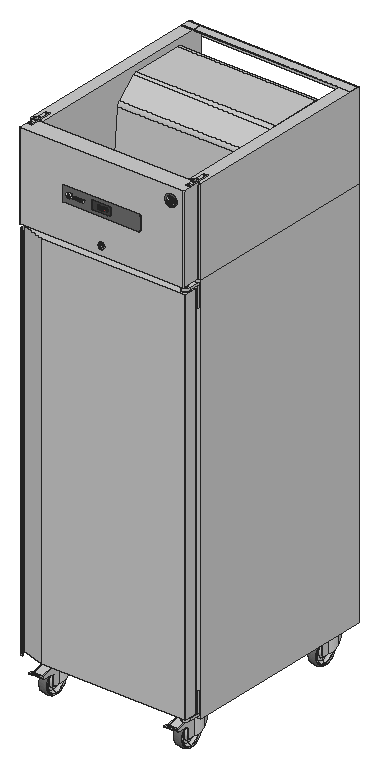
Revit family "QF_HOSHIZAKI_133702030", category Specialty Equipment, Revit 2016
Family settings
  Part Type = Normal
  Round Connector Dimension = Use Diameter
  OmniClass Number = 23.40.40.14
  OmniClass Title = Food Service Equipment
  Work Plane-Based = No
  Always vertical = Yes
  Cut with Voids When Loaded = No
  Shared = No
  Room Calculation Point = No
Parameters (values of type "133702030_230V/1Ph/50Hz")
  Weight = 123.00 kg
  Volts = 230 V
  URL Cutsheet = ""
  URL = "www.hoshizaki-europe.com"
  Status [instance] = ""
  Specification by User [instance] = ""
  Specification by Manufacturer [instance] = ""
  Serial Number = ""
  Seismic Rating = ""
  SMACNA No = ""
  Revision Code [instance] = ""
  Phase = 1
  Number of Poles = 2
  NAFEM Spec ID Number = ""
  Model = "ADVANCE F 70-4 C DR U"
  Min Ckt Ampacity = 0 A
  Max Overcurrent Protection = 0 A
  Masterspec = ""
  Manufacturer = "HOSHIZAKI"
  Length Actual = 654 mm
  Item Number [instance] = ""
  Installed By [instance] = ""
  Identify Quantity as Lot [instance] = no
  Height Actual = 2000 mm
  HP power = ""
  Furnished By [instance] = ""
  Foodservice Equipment Identifier [instance] = yes
  FL Amps = 25.86 A
  Electric power = 5949 W
  Electric Connection Type [instance] = ""
  Elec Conn RI Height [instance] = 0 mm
  Elec Conn Connection Height [instance] = 1550 mm
  Description = "ADVANCE FREEZER, 2/1 DEEP, AISI430 STAINLESS STEEL EXTERIOR AND INTERIOR, HC NATURAL REFRIGERANT, CASTORS"
  Depth Actual = 830 mm
  Cycle = 50 Hz
  Cost = 0
  Conn Plug = ""
  Conn Conduit = no
  CSI MasterFormat = ""
  Assembly Code = "E1090320"
  Apparent Power = 5949 VA
  Accessory = no
Reference planes
  plane 1 "Center (Front/Back)": y = 0
  plane 2: z = 0
  plane 3 "Center (Left/Right)": x = 0
Forms (mm)
  Extrusion 1, solid, not visible
    sketch origin (624, -2, 1674) x (1, 0, 0) y (0, 1, 0)
      loop
        line (0, 0) -> (2, 0) -> (2, 2) -> (0, 2) -> (0, 0)
    from 0 to 2
Dimensions and locks
  aligned and locked: level to plane 2
Nested families
  nested 1: "QF_HOSHIZAKI_133702030_230V_1Ph_50Hz" at (0, 0, 125), type "133702030_230V/1Ph/50Hz"
    with Show Logo yes, Show Clearance yes
  nested 2: "QF_HOSHIZAKI_PRE_ADV_CASTORS" at (0, 0, 0), type "760660022-654X830"
  nested 3: "QF_HOSHIZAKI_AD_70_RX_SS_DOOR" at (0, -760, 135), type "AD_70_RX_SS_DOOR"
    with Show Logo yes, Show Clearance yes
Connectors
  electrical at (625, 0, 1675), driven by "Apparent Power", driven by "Number of Poles", driven by "Volts"
    settings: on Extrusion 1, index 1, voltage 230 V, apparent load 0 VA, apparent load phase1 5949 VA, apparent load phase2 0 VA, apparent load phase3 0 VA, power factor 1, load classification "Other", number of poles 2, system type 31, power factor state 1, is connector primary yes, connector utility no, sub classification motor no, connector description "Electric connection for '133702030'"
Definition of nested family "QF_HOSHIZAKI_133702030_230V_1Ph_50Hz"
  Parameters (values of type "133702030_230V/1Ph/50Hz")
    URL = "www.hoshizaki-europe.com"
    Show Logo [instance] = yes
    Show Clearance [instance] = yes
    Model = "ADVANCE F 70-4 C DR U"
    Manufacturer = "HOSHIZAKI"
    Description = "ADVANCE FREEZER, 2/1 DEEP, AISI 304 STAINLESS STEEL EXTERIOR AND INTERIOR, HC NATURAL REFRIGERANT, CASTORS"
    Assembly Code = "E1090320"
  Types (6, lengths in mm): name | Model | Description
    131701010 | "ADVANCE K 70-4 L DR" | "ADVANCE REFRIGERATOR, 2/1 GN DEEP, AISI 304 STAINLESS STEEL EXTERIOR AND INTERIOR, HC NATURAL REFRIGERANT, LEGS"
    133701010 | "ADVANCE F 70-4 L DR" | "ADVANCE FREEZER, 2/1 DEEP, AISI 304 STAINLESS STEEL EXTERIOR AND INTERIOR, HC NATURAL REFRIGERANT, LEGS"
    121702010 | "ADVANCE K 70-3 C DR" | "ADVANCE REFRIGERATOR, 2/1 GN DEEP, AISI 403 STAINLESS STEEL EXTERIOR AND INTERIOR, HC NATURAL REFRIGERANT, CASTORS"
    123702010 | "ADVANCE F 70-3 C DR" | "ADVANCE FREEZER, 2/1 DEEP, AISI 403 STAINLESS STEEL EXTERIOR AND INTERIOR, HC NATURAL REFRIGERANT, CASTORS"
    131702030 | "ADVANCE K 70-4 C DR U" | "ADVANCE REFRIGERATOR, 2/1 GN DEEP, AISI 304 STAINLESS STEEL EXTERIOR AND INTERIOR, HC NATURAL REFRIGERANT, CASTORS"
    133702030_230V/1Ph/50Hz | "ADVANCE F 70-4 C DR U" | "ADVANCE FREEZER, 2/1 DEEP, AISI 304 STAINLESS STEEL EXTERIOR AND INTERIOR, HC NATURAL REFRIGERANT, CASTORS"
  Reference planes
    plane 1 "Back": y = 0
    plane 2: z = 0
    plane 3 "Left": x = 0
    plane 4 "Right": x = 654
    plane 5 "Front": y = -830.03
    plane 6 "Top": z = 1850
  Forms (mm)
    Extrusion 1, solid
      sketch origin (-36.57, 17.6, 1850) x (1, 0, 0) y (0, 1, 0)
        loop
          line (675.57, -773.038) -> (675.57, -726.21) -> (660.57, -726.21) -> (660.57, -773.038) -> (675.57, -773.038)
        loop
          circle (668.07, -734.247) r 1.711
        loop
          circle (668.07, -765.001) r 1.711
      from 0 to 2
    Extrusion 2, solid
      sketch origin (-36.57, -41.259, 1850) x (1, 0, 0) y (0, 1, 0)
        loop
          line (675.57, -752.351) -> (675.57, -720.851) -> (660.57, -720.851) -> (660.57, -752.351) -> (675.57, -752.351)
        loop
          circle (668.07, -727.851) r 1.711
        loop
          circle (668.07, -745.351) r 1.711
      from 0 to 2
    Extrusion 3, solid
      sketch origin (624, 17.6, -100.1) x (0, 1, 0) y (0, 0, 1)
        loop
          arc (-776.21, 1952.1) -> (-777.016, 1954.865) -> (-774.851, 1952.966) r 1.5
          line (-774.851, 1952.966) -> (-772.968, 1952.281)
          arc (-772.968, 1952.281) -> (-778.164, 1956.504) -> (-776.21, 1950.1) r 3.5
          line (-776.21, 1950.1) -> (-773.038, 1950.1) -> (-773.038, 1952.1) -> (-776.21, 1952.1)
      from 0 to 15
    Extrusion 4, solid
      sketch origin (-645.57, 17.6, 1850) x (1, 0, 0) y (0, 1, 0)
        loop
          line (675.57, -773.038) -> (675.57, -726.21) -> (660.57, -726.21) -> (660.57, -773.038) -> (675.57, -773.038)
        loop
          circle (668.07, -734.247) r 1.711
        loop
          circle (668.07, -765.001) r 1.711
      from 0 to 2
    Extrusion 5, solid
      sketch origin (-645.57, -41.259, 1850) x (1, 0, 0) y (0, 1, 0)
        loop
          line (675.57, -752.351) -> (675.57, -720.851) -> (660.57, -720.851) -> (660.57, -752.351) -> (675.57, -752.351)
        loop
          circle (668.07, -727.851) r 1.711
        loop
          circle (668.07, -745.351) r 1.711
      from 0 to 2
    Extrusion 6, solid
      sketch origin (15, 17.6, -100.1) x (0, 1, 0) y (0, 0, 1)
        loop
          arc (-776.21, 1952.1) -> (-777.016, 1954.865) -> (-774.851, 1952.966) r 1.5
          line (-774.851, 1952.966) -> (-772.968, 1952.281)
          arc (-772.968, 1952.281) -> (-778.164, 1956.504) -> (-776.21, 1950.1) r 3.5
          line (-776.21, 1950.1) -> (-773.038, 1950.1) -> (-773.038, 1952.1) -> (-776.21, 1952.1)
      from 0 to 15
    Extrusion 7, solid
      sketch origin (0, 0, -100) x (0, 1, 0) y (0, 0, 1)
        loop
          line (-760, 1617.5) -> (0, 1617.5) -> (0, 1948.5)
          arc (0, 1948.5) -> (-0.439, 1949.561) -> (-1.5, 1950) r 1.5
          line (-1.5, 1950) -> (-759.35, 1950)
          arc (-759.35, 1950) -> (-759.81, 1949.81) -> (-760, 1949.35) r 0.65
          line (-760, 1949.35) -> (-760, 1617.5)
      from 0 to 45
    Extrusion 8, solid
      sketch origin (609, 0, -100) x (0, 1, 0) y (0, 0, 1)
        loop
          line (-760, 1617.5) -> (0, 1617.5) -> (0, 1948.5)
          arc (0, 1948.5) -> (-0.439, 1949.561) -> (-1.5, 1950) r 1.5
          line (-1.5, 1950) -> (-759.35, 1950)
          arc (-759.35, 1950) -> (-759.81, 1949.81) -> (-760, 1949.35) r 0.65
          line (-760, 1949.35) -> (-760, 1617.5)
      from 0 to 45
    Extrusion 9, solid
      sketch origin (0, 1.5, -100.1) x (0, 1, 0) y (0, 0, 1)
        loop
          line (-1.51, 1951.6) -> (-38.51, 1951.6) -> (-38.51, 1950.1) -> (-3, 1950.1)
          arc (-3, 1950.1) -> (-1.939, 1949.661) -> (-1.5, 1948.6) r 1.5
          line (-1.5, 1948.6) -> (-1.5, 1914.7) -> (0, 1914.7) -> (0, 1950.09)
          arc (0, 1950.09) -> (-0.442, 1951.158) -> (-1.51, 1951.6) r 1.51
      from 1.06 to 653.06
    Extrusion 10, solid
      sketch origin (0, 17.6, 1849.9) x (1, 0, 0) y (0, 1, 0)
        loop
          line (10, -778.8) -> (10, -842.7)
          arc (10, -842.7) -> (11.435, -846.165) -> (14.9, -847.6) r 4.9
          line (14.9, -847.6) -> (639.1, -847.6)
          arc (639.1, -847.6) -> (642.565, -846.165) -> (644, -842.7) r 4.9
          line (644, -842.7) -> (644, -778.8)
          arc (644, -778.8) -> (643.649, -777.951) -> (642.8, -777.6) r 1.2
          line (642.8, -777.6) -> (11.2, -777.6)
          arc (11.2, -777.6) -> (10.351, -777.951) -> (10, -778.8) r 1.2
      from -332.4 to 0.1
    Extrusion 11, solid
      sketch origin (7.29, 0, -100) x (0, 1, 0) y (0, 0, 1)
        loop
          arc (-113.281, 1932.651) -> (-120.8, 1936.992) -> (-129.35, 1938.5) r 25
          line (-129.35, 1938.5) -> (-324.65, 1938.5)
          arc (-324.65, 1938.5) -> (-333.2, 1936.992) -> (-340.719, 1932.651) r 25
          line (-340.719, 1932.651) -> (-408.922, 1875.423)
          arc (-408.922, 1875.423) -> (-415.027, 1867.815) -> (-417.757, 1858.45) r 25
          line (-417.757, 1858.45) -> (-436.998, 1638.52) -> (-17.002, 1638.52) -> (-36.243, 1858.45)
          arc (-36.243, 1858.45) -> (-38.973, 1867.815) -> (-45.078, 1875.423) r 25
          line (-45.078, 1875.423) -> (-113.281, 1932.651)
      from 52.71 to 586.71
    Extrusion 12, solid
      sketch origin (0, 0, -100) x (1, 0, 0) y (0, 0, 1)
        loop
          line (45, 1638.52) -> (45, 1617.5) -> (609, 1617.5) -> (609, 1638.52) -> (45, 1638.52)
      from 0 to 760
    Extrusion 13, solid, visible <- "Show Logo"
      sketch origin (1053.884, -828.5, -60.1) x (-1, 0, 0) y (0, 0, -1)
        loop
          circle (459.884, -1862.5) r 13.99
      from 0 to 2.5
    Extrusion 14, solid, visible <- "Show Logo"
      sketch origin (1053.884, -829, -60.1) x (-1, 0, 0) y (0, 0, -1)
        loop
          circle (459.884, -1862.5) r 15
        loop
          arc (446.884, -1862.5) -> (460.705, -1875.474) -> (472.781, -1860.863) r 13
          line (472.781, -1860.863) -> (470.355, -1858.437) -> (469.346, -1862.201) -> (466.355, -1863.928) -> (465.024, -1865.26) -> (463.375, -1865.26) -> (462.04, -1870.241) -> (457.755, -1870.241) -> (459.339, -1867.979) -> (460.402, -1864.014) -> (461.224, -1860.945) -> (462.416, -1856.497) -> (461.216, -1855.297) -> (459.433, -1857.843) -> (455.784, -1851.523) -> (460.361, -1851.523) -> (461.471, -1853.446) -> (469.213, -1853.446)
          arc (469.213, -1853.446) -> (460.394, -1849.51) -> (451.293, -1852.743) r 13
          line (451.293, -1852.743) -> (455.577, -1853.891) -> (453.752, -1856.497) -> (455.349, -1856.497) -> (454.477, -1866.459) -> (452.538, -1866.459) -> (446.884, -1862.5)
        loop
          line (447.853, -1857.467) -> (452.313, -1861.926) -> (450.144, -1853.891)
          arc (450.144, -1853.891) -> (448.878, -1855.602) -> (447.853, -1857.467) r 15.828
        loop
          line (463.583, -1862.877) -> (466.64, -1862.399) -> (464.901, -1861.285) -> (463.583, -1857.664) -> (463.583, -1862.877)
        loop
          line (464.827, -1855.979) -> (468.296, -1856.908) -> (469.573, -1854.916) -> (468.881, -1854.224) -> (467.914, -1855.035) -> (464.827, -1855.979)
        loop
          line (462.609, -1872.307) -> (462.609, -1874.009) -> (464.927, -1873.388) -> (462.609, -1872.307)
        loop
          line (460.361, -1874.662) -> (459.594, -1873.335) -> (460.801, -1872.638) -> (459.186, -1872.205) -> (458.298, -1874.11) -> (460.361, -1874.662)
        loop
          line (459.623, -1846.783) -> (460.706, -1845.701) -> (462.247, -1845.701) -> (461.191, -1844.645) -> (461.503, -1842.874) -> (459.623, -1843.959) -> (457.743, -1842.874) -> (458.055, -1844.645) -> (456.999, -1845.701) -> (458.54, -1845.701) -> (459.623, -1846.783)
        loop
          line (446.86, -1853.7) -> (446.594, -1852.191) -> (447.478, -1850.929) -> (446.007, -1851.188) -> (444.736, -1849.917) -> (444.547, -1852.08) -> (442.579, -1852.997) -> (444.209, -1853.757) -> (444.468, -1855.228) -> (445.352, -1853.965) -> (446.86, -1853.7)
        loop
          line (452.395, -1848.68) -> (452.856, -1847.219) -> (454.223, -1846.508) -> (452.799, -1846.059) -> (452.258, -1844.344) -> (451.091, -1846.175) -> (448.922, -1846.08) -> (450.017, -1847.507) -> (449.568, -1848.931) -> (450.935, -1848.219) -> (452.395, -1848.68)
        loop
          line (472.909, -1853.7) -> (474.417, -1853.965) -> (475.301, -1855.228) -> (475.56, -1853.757) -> (477.19, -1852.997) -> (475.222, -1852.08) -> (475.033, -1849.917) -> (473.761, -1851.188) -> (472.291, -1850.929) -> (473.175, -1852.191) -> (472.909, -1853.7)
        loop
          line (467.374, -1848.68) -> (468.834, -1848.219) -> (470.201, -1848.931) -> (469.752, -1847.507) -> (470.847, -1846.08) -> (468.678, -1846.175) -> (467.511, -1844.344) -> (466.97, -1846.059) -> (465.546, -1846.508) -> (466.913, -1847.219) -> (467.374, -1848.68)
      from 0 to 2.5
    Extrusion 15, solid, visible <- "Show Logo"
      sketch origin (1053.884, -829, -60.1) x (-1, 0, 0) y (0, 0, -1)
        loop
          line (462.609, -1874.009) -> (462.609, -1872.307) -> (462.085, -1870.241) -> (457.755, -1870.241) -> (459.339, -1867.979) -> (462.416, -1856.497) -> (461.216, -1855.297) -> (459.433, -1857.843) -> (455.808, -1851.565) -> (453.948, -1851.565) -> (455.577, -1853.891) -> (454.477, -1866.459) -> (456.345, -1871.339)
          arc (456.345, -1871.339) -> (456.868, -1874.025) -> (459.213, -1875.435) r 3.366
          arc (459.213, -1875.435) -> (460.198, -1875.496) -> (461.183, -1875.435) r 8.046
          line (461.183, -1875.435) -> (462.609, -1874.009)
        loop
          line (456.854, -1851.523) -> (460.361, -1851.523) -> (460.916, -1852.485) -> (462.702, -1852.485) -> (463.779, -1851.407) -> (460.623, -1851.407) -> (461.563, -1850.468) -> (456.245, -1850.468) -> (456.854, -1851.523)
        loop
          line (460.361, -1874.662) -> (459.594, -1873.335) -> (460.801, -1872.638) -> (459.186, -1872.205) -> (458.298, -1874.11) -> (460.361, -1874.662)
      from 0 to 2.5
    Extrusion 16, solid, visible <- "Show Logo"
      sketch origin (1039.5, -828.5, 1238.8) x (-1, 0, 0) y (0, 0, -1)
        loop
          circle (445.5, -563.6) r 22.5
      from 0 to 2
    Extrusion 17, solid
      sketch origin (0, 0, 0) x (1, 0, 0) y (0, 0, 1)
        loop
          line (0, 1517.5) -> (0, 0) -> (654, 0) -> (654, 1517.5) -> (0, 1517.5)
        loop
          line (60, 1457.5) -> (60, 60) -> (594, 60) -> (594, 1457.5) -> (60, 1457.5)
      from 0 to 760
    Extrusion 18, solid
      sketch origin (0, 0, 0) x (1, 0, 0) y (0, 0, 1)
        loop
          line (60, 60) -> (594, 60) -> (594, 1457.5) -> (60, 1457.5) -> (60, 60)
      from 0 to 45
    Extrusion 19, solid
      sketch origin (619.076, -828.5, -100.11) x (1, 0, 0) y (0, 0, 1)
        loop
          arc (-147.076, 1752.13) -> (-143.541, 1753.594) -> (-142.076, 1757.13) r 5
          line (-142.076, 1757.13) -> (-142.076, 1807.13)
          arc (-142.076, 1807.13) -> (-143.541, 1810.666) -> (-147.076, 1812.13) r 5
          line (-147.076, 1812.13) -> (-437.076, 1812.13)
          arc (-437.076, 1812.13) -> (-440.612, 1810.666) -> (-442.076, 1807.13) r 5
          line (-442.076, 1807.13) -> (-442.076, 1757.13)
          arc (-442.076, 1757.13) -> (-440.612, 1753.594) -> (-437.076, 1752.13) r 5
          line (-437.076, 1752.13) -> (-147.076, 1752.13)
        loop
          line (-329.576, 1792.63) -> (-329.576, 1771.63)
          arc (-329.576, 1771.63) -> (-327.819, 1767.387) -> (-323.576, 1765.63) r 6
          line (-323.576, 1765.63) -> (-260.576, 1765.63)
          arc (-260.576, 1765.63) -> (-256.334, 1767.387) -> (-254.576, 1771.63) r 6
          line (-254.576, 1771.63) -> (-254.576, 1792.63)
          arc (-254.576, 1792.63) -> (-256.334, 1796.873) -> (-260.576, 1798.63) r 6
          line (-260.576, 1798.63) -> (-323.576, 1798.63)
          arc (-323.576, 1798.63) -> (-327.819, 1796.873) -> (-329.576, 1792.63) r 6
      from 0 to 2
    Extrusion 20, solid
      sketch origin (619.076, -828.5, -100.11) x (1, 0, 0) y (0, 0, 1)
        loop
          arc (-323.576, 1798.63) -> (-327.819, 1796.873) -> (-329.576, 1792.63) r 6
          line (-329.576, 1792.63) -> (-329.576, 1771.63)
          arc (-329.576, 1771.63) -> (-327.819, 1767.387) -> (-323.576, 1765.63) r 6
          line (-323.576, 1765.63) -> (-260.576, 1765.63)
          arc (-260.576, 1765.63) -> (-256.334, 1767.387) -> (-254.576, 1771.63) r 6
          line (-254.576, 1771.63) -> (-254.576, 1792.63)
          arc (-254.576, 1792.63) -> (-256.334, 1796.873) -> (-260.576, 1798.63) r 6
          line (-260.576, 1798.63) -> (-323.576, 1798.63)
      from 0 to 2
    Extrusion 21, solid
      sketch origin (619.076, -829, -100.11) x (1, 0, 0) y (0, 0, 1)
        loop
          line (-298.911, 1787.691) -> (-298.115, 1788.439) -> (-298.929, 1789.206) -> (-304.501, 1789.206) -> (-305.3, 1788.422) -> (-304.534, 1787.691) -> (-298.911, 1787.691)
        loop
          line (-296.938, 1787.449) -> (-297.831, 1788.111) -> (-298.725, 1787.449) -> (-298.725, 1783.432) -> (-297.831, 1782.769) -> (-296.938, 1783.432) -> (-296.938, 1787.449)
        loop
          line (-298.911, 1777.181) -> (-304.534, 1777.181) -> (-305.3, 1776.45) -> (-304.501, 1775.666) -> (-298.929, 1775.666) -> (-298.115, 1776.432) -> (-298.911, 1777.181)
        loop
          line (-296.938, 1777.423) -> (-296.938, 1781.44) -> (-297.831, 1782.103) -> (-298.725, 1781.44) -> (-298.725, 1777.423) -> (-297.831, 1776.761) -> (-296.938, 1777.423)
        loop
          line (-298.911, 1783.189) -> (-304.534, 1783.189) -> (-305.3, 1782.459) -> (-304.501, 1781.675) -> (-298.929, 1781.675) -> (-298.115, 1782.441) -> (-298.911, 1783.189)
        loop
          line (-270.911, 1787.691) -> (-270.115, 1788.439) -> (-270.929, 1789.206) -> (-276.501, 1789.206) -> (-277.3, 1788.422) -> (-276.534, 1787.691) -> (-270.911, 1787.691)
        loop
          line (-268.938, 1787.449) -> (-269.831, 1788.111) -> (-270.725, 1787.449) -> (-270.725, 1783.432) -> (-269.831, 1782.769) -> (-268.938, 1783.432) -> (-268.938, 1787.449)
        loop
          line (-268.938, 1777.423) -> (-268.938, 1781.44) -> (-269.831, 1782.103) -> (-270.725, 1781.44) -> (-270.725, 1777.423) -> (-269.831, 1776.761) -> (-268.938, 1777.423)
        loop
          line (-294.968, 1776.333) -> (-293.829, 1775.386) -> (-292.676, 1776.348) -> (-293.829, 1777.28) -> (-294.968, 1776.333)
        loop
          line (-282.911, 1777.226) -> (-288.534, 1777.226) -> (-289.3, 1776.496) -> (-288.501, 1775.712) -> (-282.929, 1775.712) -> (-282.115, 1776.478) -> (-282.911, 1777.226)
        loop
          line (-280.938, 1777.469) -> (-280.938, 1781.486) -> (-281.831, 1782.148) -> (-282.725, 1781.486) -> (-282.725, 1777.469) -> (-281.831, 1776.806) -> (-280.938, 1777.469)
        loop
          line (-282.911, 1787.737) -> (-282.115, 1788.485) -> (-282.929, 1789.251) -> (-288.501, 1789.251) -> (-289.3, 1788.467) -> (-288.534, 1787.737) -> (-282.911, 1787.737)
        loop
          line (-280.938, 1787.494) -> (-281.831, 1788.157) -> (-282.725, 1787.494) -> (-282.725, 1783.477) -> (-281.831, 1782.815) -> (-280.938, 1783.477) -> (-280.938, 1787.494)
        loop
          line (-282.911, 1781.728) -> (-282.115, 1782.476) -> (-282.929, 1783.243) -> (-288.501, 1783.243) -> (-289.3, 1782.459) -> (-288.534, 1781.728) -> (-282.911, 1781.728)
        loop
          line (-290.492, 1787.494) -> (-290.492, 1783.477) -> (-289.599, 1782.815) -> (-288.705, 1783.477) -> (-288.705, 1787.494) -> (-289.599, 1788.157) -> (-290.492, 1787.494)
      from 0 to 2
    Revolve 22, solid
      sketch origin (327, 917.6, -100.11) x (0, 1, 0) y (0, 0, 1)
        loop
          line (-1752.6, 1652.1) -> (-1747.6, 1652.1) -> (-1747.6, 1662.634)
          arc (-1747.6, 1662.634) -> (-1748.329, 1663.731) -> (-1749.631, 1663.534) r 1.226
          line (-1749.631, 1663.534) -> (-1752.6, 1660.565) -> (-1752.6, 1652.1)
        axis (-1747.6, 1652.1) -> (-1752.6, 1652.1)
      angle from 0 to 360
    Extrusion 23, void
      sketch origin (-818.06, -833.5, -101.61) x (1, 0, 0) y (0, 0, 1)
        loop
          line (1143.96, 1657.815) -> (1143.96, 1649.385) -> (1146.16, 1649.385) -> (1146.16, 1657.815) -> (1143.96, 1657.815)
      from -1.469 to 2
    Extrusion 24, solid, visible <- "Show Logo"
      sketch origin (787.623, -829, -98.186) x (1, 0, 0) y (0, 0, 1)
        loop
          line (-574.302, 1788.729) -> (-583.131, 1788.729)
          arc (-583.131, 1788.729) -> (-589.303, 1787.599) -> (-594.673, 1784.355) r 17.416
          arc (-594.673, 1784.355) -> (-596.462, 1781.094) -> (-595.769, 1777.439) r 5.506
          arc (-595.769, 1777.439) -> (-593.146, 1774.866) -> (-589.587, 1773.956) r 7.07
          line (-589.587, 1773.956) -> (-587.25, 1773.956) -> (-588.248, 1771.34) -> (-581.613, 1771.34) -> (-580.432, 1773.956) -> (-571.398, 1773.956) -> (-569.064, 1779.592) -> (-566.746, 1773.956) -> (-559.715, 1773.956) -> (-557.728, 1776.29) -> (-552.838, 1776.29) -> (-551.953, 1773.956) -> (-545.563, 1773.956) -> (-543.121, 1779.778) -> (-540.707, 1773.914) -> (-533.897, 1779.586) -> (-536.239, 1773.956) -> (-530.603, 1773.956) -> (-526.429, 1784.233) -> (-531.941, 1784.233) -> (-537.329, 1779.747) -> (-539.135, 1784.233) -> (-544.054, 1784.233) -> (-547.268, 1776.58) -> (-550.408, 1784.233) -> (-554.271, 1784.233) -> (-561.118, 1776.477) -> (-561.995, 1776.477) -> (-562.958, 1778.877)
          arc (-562.958, 1778.877) -> (-561.217, 1779.568) -> (-560.011, 1781.001) r 3.84
          arc (-560.011, 1781.001) -> (-560.124, 1783.171) -> (-562.025, 1784.225) r 2.241
          line (-562.025, 1784.225) -> (-573.005, 1784.225) -> (-576.227, 1776.507) -> (-579.37, 1776.507) -> (-576.183, 1784.227) -> (-585.103, 1784.227) -> (-586.099, 1781.742) -> (-583.981, 1781.742) -> (-586.194, 1776.345)
          arc (-586.194, 1776.345) -> (-588.764, 1776.925) -> (-590.188, 1779.141) r 3.476
          arc (-590.188, 1779.141) -> (-590.046, 1780.636) -> (-589.587, 1782.064) r 6.962
          arc (-589.587, 1782.064) -> (-587.018, 1785.071) -> (-583.227, 1786.194) r 6.962
          line (-583.227, 1786.194) -> (-575.446, 1786.194) -> (-574.302, 1788.729)
        loop
          line (-568.201, 1781.677) -> (-568.99, 1779.771) -> (-567.006, 1779.771)
          arc (-567.006, 1779.771) -> (-565.95, 1780.209) -> (-565.513, 1781.264) r 1.493
          arc (-565.513, 1781.264) -> (-565.795, 1781.565) -> (-566.192, 1781.677) r 0.765
          line (-566.192, 1781.677) -> (-568.201, 1781.677)
        loop
          line (-554.482, 1780.63) -> (-556.797, 1778.007) -> (-553.488, 1778.007) -> (-554.482, 1780.63)
      from 0 to 2
  Cuts and joins
    joined: Extrusion 17, Extrusion 18
    Extrusion 23 cuts Revolve 22
  Lines and regions (mm)
    symbolic lines
      curve 1: line (0, 0, 0) -> (0, -760, 0)
      curve 2: line (654, -760, 0) -> (654, 0, 0)
      curve 3: line (14.9, -830, 0) -> (639.1, -830, 0)
      curve 4: line (654, 0, 0) -> (0, 0, 0)
      curve 5: line (60, -37.01, 0) -> (60, -436.998, 0)
      curve 6: line (60, -436.998, 0) -> (594, -436.998, 0)
      curve 7: line (594, -436.998, 0) -> (594, -37.01, 0)
      curve 8: line (609, -37.01, 0) -> (609, -760, 0)
      curve 9: line (45, -760, 0) -> (45, -37.01, 0)
      curve 10: line (0, -37.01, 0) -> (654, -37.01, 0)
      curve 11: line (654, -760, 0) -> (0, -760, 0)
      curve 12: line (644, -825.1, 0) -> (644, -761.2, 0)
      curve 13: arc (639.1, -830, 0) -> (642.565, -828.565, 0) -> (644, -825.1, 0) r 4.9
      curve 14: arc (10, -825.1, 0) -> (11.435, -828.565, 0) -> (14.9, -830, 0) r 4.9
      curve 15: line (10, -761.2, 0) -> (10, -825.1, 0)
      curve 16: arc (11.2, -760, 0) -> (10.351, -760.351, 0) -> (10, -761.2, 0) r 1.2
      curve 17: arc (644, -761.2, 0) -> (643.649, -760.351, 0) -> (642.8, -760, 0) r 1.2
  Dimensions and locks
    plane 4 "Right" to plane 3 "Left" = 654 mm
    plane 6 "Top" to level = 1850 mm  (x2)
    plane 3 "Left" to plane 4 "Right" = 654 mm
    plane 5 "Front" to plane 1 "Back" = 830.03 mm
    plane 1 "Back" to plane 5 "Front" = 830.03 mm
    aligned and locked: level to plane 2
Definition of nested family "QF_HOSHIZAKI_PRE_ADV_CASTORS"
  Parameters (values of type "760660022-654X830")
    Weight [instance] = 0.00 kg
    URL Cutsheet [instance] = ""
    URL = "www.hoshizaki-europe.com"
    Status [instance] = ""
    Specification by User [instance] = ""
    Specification by Manufacturer [instance] = ""
    Serial Number [instance] = ""
    Seismic Rating [instance] = ""
    SMACNA No [instance] = ""
    Right offset = 67 mm
    Revision Code [instance] = ""
    Rear offset = 58 mm
    NAFEM Spec ID Number [instance] = ""
    Model = "C1"
    Masterspec [instance] = ""
    Manufacturer = "HOSHIZAKI"
    Length Actual [instance] = 654 mm
    Length = 654 mm
    Left offset = 67 mm
    Item Number [instance] = ""
    Installed By [instance] = ""
    Identify Quantity as Lot [instance] = no
    Height Actual [instance] = 125 mm
    Furnished By [instance] = ""
    Front offset = 125 mm
    Foodservice Equipment Identifier [instance] = no
    Description = "SET OF CASTORS 125 MM"
    Depth Actual [instance] = 830 mm
    Depth = 830 mm
    Cost = 0
    CSI MasterFormat [instance] = ""
    Assembly Code = "E1090320"
    Accessory [instance] = yes
  Reference planes
    plane 1 "Back": y = 0
    plane 2: z = 0
    plane 3 "Left": x = 0
    plane 4 "Right": x = 654
    plane 5 "Front": y = -830
    plane 6 "Top": z = 125
    plane 7 "Central": x = 327
    plane 8 "Left side castors": x = 67
    plane 9 "Right side castors": x = 587
    plane 10: y = -58
    plane 11: y = -705
  Dimensions and locks
    "Length": plane 3 "Left" to plane 4 "Right"
    "Depth": plane 1 "Back" to plane 5 "Front"
    plane 6 "Top" to plane 2 = 125 mm
    equal spacing: plane 3 "Left", plane 7 "Central", plane 4 "Right"
    "Left offset": plane 3 "Left" to plane 8 "Left side castors"
    "Right offset": plane 9 "Right side castors" to plane 4 "Right"
    "Rear offset": plane 10 to plane 1 "Back"
    "Front offset": plane 11 to plane 5 "Front"
    aligned and locked: level to plane 2
    aligned and locked: nested 1 to plane 11
    aligned and locked: nested 2 to plane 11
    aligned and locked: nested 2 to plane 9 "Right side castors"
    aligned and locked: nested 1 to plane 8 "Left side castors"
    aligned and locked: nested 3 to plane 8 "Left side castors"
    aligned and locked: nested 4 to plane 9 "Right side castors"
    aligned and locked: nested 3 to plane 10
    aligned and locked: nested 4 to plane 10
  Nested families
    nested 1: "QF_ATOSA_CASTORS_BRAKES" at (67, -705, 0), type "CASTORS WITH BRAKES"
    nested 2: "QF_ATOSA_CASTORS_BRAKES" at (587, -705, 0), type "CASTORS WITH BRAKES"
    nested 3: "QF_ATOSA_CASTORS_WITHOUT_BRAKES" at (67, -58, 0), type "CASTORS"
    nested 4: "QF_ATOSA_CASTORS_WITHOUT_BRAKES" at (587, -58, 0), type "CASTORS"
  Definition of nested family "QF_ATOSA_CASTORS_BRAKES"
    Reference planes
      plane 1 "Center (Front/Back)": y = 0
      plane 2: z = 0
      plane 3 "Center (Left/Right)": x = 0
    Forms (mm)
      Extrusion 1, solid
        sketch origin (-20.685, -138.446, 9.74) x (0, 1, 0) y (0, 0, 1)
          loop
            arc (82.446, 39.255) -> (85.375, 32.184) -> (92.446, 29.255) r 10
            arc (92.446, 29.255) -> (99.905, 29.776) -> (107.221, 31.328) r 53.702
            line (107.221, 31.328) -> (107.221, 99.255) -> (83.819, 99.255)
            arc (83.819, 99.255) -> (82.458, 99.162) -> (81.123, 98.885) r 10
            line (81.123, 98.885) -> (33.906, 85.664)
            arc (33.906, 85.664) -> (32.852, 84.947) -> (32.446, 83.738) r 2
            line (32.446, 83.738) -> (32.446, 81.179)
            arc (32.446, 81.179) -> (33.888, 77.697) -> (37.369, 76.255) r 4.923
            line (37.369, 76.255) -> (72.446, 76.255)
            arc (72.446, 76.255) -> (79.517, 73.326) -> (82.446, 66.255) r 10
            line (82.446, 66.255) -> (82.446, 39.255)
        from 0 to 3
      Extrusion 2, solid
        sketch origin (-99.985, -138.446, 20.165) x (0, 1, 0) y (0, 0, 1)
          loop
            line (32.761, 70.841) -> (82.995, 84.83) -> (107.221, 84.83) -> (107.221, 86.83) -> (82.72, 86.83) -> (32.631, 72.805)
            arc (32.631, 72.805) -> (30.574, 74.383) -> (28.997, 76.439) r 9.928
            line (28.997, 76.439) -> (27.573, 78.904)
            arc (27.573, 78.904) -> (23.913, 82.565) -> (18.913, 83.904) r 10
            line (18.913, 83.904) -> (11.985, 83.904) -> (11.985, 81.904) -> (17.758, 81.904)
            arc (17.758, 81.904) -> (22.233, 80.83) -> (25.732, 77.841) r 9.856
            line (25.732, 77.841) -> (27.248, 75.467)
            arc (27.248, 75.467) -> (29.65, 72.732) -> (32.761, 70.841) r 12.007
        from 82.3 to 117.67
      Extrusion 3, solid
        sketch origin (147.062, -94.25, 0) x (1, 0, 0) y (0, 1, 0)
          loop
            line (-114.562, 143.5) -> (-179.562, 143.5)
            arc (-179.562, 143.5) -> (-186.633, 140.571) -> (-189.562, 133.5) r 10
            line (-189.562, 133.5) -> (-189.562, 55)
            arc (-189.562, 55) -> (-186.633, 47.929) -> (-179.562, 45) r 10
            line (-179.562, 45) -> (-114.562, 45)
            arc (-114.562, 45) -> (-107.491, 47.929) -> (-104.562, 55) r 10
            line (-104.562, 55) -> (-104.562, 133.5)
            arc (-104.562, 133.5) -> (-107.491, 140.571) -> (-114.562, 143.5) r 10
        from 121.995 to 125
      Extrusion 4, solid
        sketch origin (147.062, -199.25, 0) x (1, 0, 0) y (0, 1, 0)
          loop
            circle (-147.062, 199.25) r 35
          loop
            circle (-147.062, 199.25) r 36.985
        from 20.063 to 121.995
      Extrusion 5, void
        sketch origin (147.062, -398.5, 0) x (0, 1, 0) y (0, 0, 1)
          loop
            line (441.93, 119.401) -> (385.135, 52.666)
            arc (385.135, 52.666) -> (376.943, 45.73) -> (367.275, 41.068) r 42.492
            arc (367.275, 41.068) -> (359.96, 39.516) -> (352.5, 38.995) r 53.702
            line (352.5, 38.995) -> (352.5, 14.696) -> (441.93, 14.696) -> (441.93, 119.401)
        from -189.562 to -104.562
      Revolve 6, solid
        sketch origin (147.062, -35.929, 0) x (1, 0, 0) y (0, 0, 1)
          loop
            line (-164.747, 48.995) -> (-129.377, 48.995) -> (-129.377, 58.995) -> (-131.562, 58.995)
            arc (-131.562, 58.995) -> (-140.754, 62.803) -> (-144.562, 71.995) r 13
            line (-144.562, 71.995) -> (-144.562, 81.557)
            arc (-144.562, 81.557) -> (-141.634, 88.625) -> (-134.566, 91.552) r 9.996
            line (-134.566, 91.552) -> (-131.562, 91.552) -> (-131.562, 93.552) -> (-162.562, 93.552) -> (-162.562, 91.552) -> (-159.557, 91.552)
            arc (-159.557, 91.552) -> (-152.489, 88.625) -> (-149.562, 81.557) r 9.996
            line (-149.562, 81.557) -> (-149.562, 71.995)
            arc (-149.562, 71.995) -> (-153.369, 62.803) -> (-162.562, 58.995) r 13
            line (-162.562, 58.995) -> (-164.747, 58.995) -> (-164.747, 48.995)
          axis (-164.747, 48.995) -> (-129.377, 48.995)
        angle from 0 to 360
      Revolve 7, solid
        sketch origin (147.062, -35.929, 0) x (1, 0, 0) y (0, 0, 1)
          loop
            line (-162.562, 4.438) -> (-162.562, 2.474)
            arc (-162.562, 2.474) -> (-147.062, 0) -> (-131.562, 2.474) r 49.793
            line (-131.562, 2.474) -> (-131.562, 4.438) -> (-162.562, 4.438)
          axis (-162.562, 48.995) -> (-131.562, 48.995)
        angle from 0 to 360
      Extrusion 8, solid
        sketch origin (17.685, -138.446, 9.74) x (0, 1, 0) y (0, 0, 1)
          loop
            arc (82.446, 39.255) -> (85.375, 32.184) -> (92.446, 29.255) r 10
            arc (92.446, 29.255) -> (99.905, 29.776) -> (107.221, 31.328) r 53.702
            line (107.221, 31.328) -> (107.221, 99.255) -> (83.819, 99.255)
            arc (83.819, 99.255) -> (82.458, 99.162) -> (81.123, 98.885) r 10
            line (81.123, 98.885) -> (33.906, 85.664)
            arc (33.906, 85.664) -> (32.852, 84.947) -> (32.446, 83.738) r 2
            line (32.446, 83.738) -> (32.446, 81.179)
            arc (32.446, 81.179) -> (33.888, 77.697) -> (37.369, 76.255) r 4.923
            line (37.369, 76.255) -> (72.446, 76.255)
            arc (72.446, 76.255) -> (79.517, 73.326) -> (82.446, 66.255) r 10
            line (82.446, 66.255) -> (82.446, 39.255)
        from 0 to 3
      Extrusion 9, solid
        sketch origin (-17.685, -138.446, 9.74) x (0, 1, 0) y (0, 0, 1)
          loop
            line (81.123, 98.885) -> (33.906, 85.664)
            arc (33.906, 85.664) -> (32.703, 84.719) -> (32.52, 83.199) r 2
            line (32.52, 83.199) -> (82.72, 97.255) -> (107.221, 97.255) -> (107.221, 99.255) -> (83.819, 99.255)
            arc (83.819, 99.255) -> (82.458, 99.162) -> (81.123, 98.885) r 10
        from 0 to 35.37
    Cuts and joins
      Extrusion 5 cuts Extrusion 4
    Dimensions and locks
      aligned and locked: level to plane 2
  Definition of nested family "QF_ATOSA_CASTORS_WITHOUT_BRAKES"
    Reference planes
      plane 1 "Center (Front/Back)": y = 0
      plane 2: z = 0
      plane 3 "Center (Left/Right)": x = 0
    Forms (mm)
      Extrusion 1, solid
        sketch origin (-20.685, -138.446, 9.74) x (0, 1, 0) y (0, 0, 1)
          loop
            arc (82.446, 39.255) -> (85.375, 32.184) -> (92.446, 29.255) r 10
            arc (92.446, 29.255) -> (99.905, 29.776) -> (107.221, 31.328) r 53.702
            line (107.221, 31.328) -> (107.221, 96.255) -> (82.446, 96.255) -> (82.446, 39.255)
        from 0 to 3
      Extrusion 2, solid
        sketch origin (147.062, -94.25, 0) x (1, 0, 0) y (0, 1, 0)
          loop
            line (-114.562, 143.5) -> (-179.562, 143.5)
            arc (-179.562, 143.5) -> (-186.633, 140.571) -> (-189.562, 133.5) r 10
            line (-189.562, 133.5) -> (-189.562, 55)
            arc (-189.562, 55) -> (-186.633, 47.929) -> (-179.562, 45) r 10
            line (-179.562, 45) -> (-114.562, 45)
            arc (-114.562, 45) -> (-107.491, 47.929) -> (-104.562, 55) r 10
            line (-104.562, 55) -> (-104.562, 133.5)
            arc (-104.562, 133.5) -> (-107.491, 140.571) -> (-114.562, 143.5) r 10
        from 121.995 to 125
      Extrusion 3, solid
        sketch origin (147.062, -199.25, 0) x (1, 0, 0) y (0, 1, 0)
          loop
            circle (-147.062, 199.25) r 35
          loop
            circle (-147.062, 199.25) r 36.985
        from 20.063 to 121.995
      Extrusion 4, void
        sketch origin (147.062, -398.5, 0) x (0, 1, 0) y (0, 0, 1)
          loop
            line (441.93, 119.401) -> (385.135, 52.666)
            arc (385.135, 52.666) -> (376.943, 45.73) -> (367.275, 41.068) r 42.492
            arc (367.275, 41.068) -> (359.96, 39.516) -> (352.5, 38.995) r 53.702
            line (352.5, 38.995) -> (352.5, 14.696) -> (441.93, 14.696) -> (441.93, 119.401)
        from -189.562 to -104.562
      Revolve 5, solid
        sketch origin (147.062, -35.929, 0) x (1, 0, 0) y (0, 0, 1)
          loop
            line (-164.747, 48.995) -> (-129.377, 48.995) -> (-129.377, 58.995) -> (-131.562, 58.995)
            arc (-131.562, 58.995) -> (-140.754, 62.803) -> (-144.562, 71.995) r 13
            line (-144.562, 71.995) -> (-144.562, 81.557)
            arc (-144.562, 81.557) -> (-141.634, 88.625) -> (-134.566, 91.552) r 9.996
            line (-134.566, 91.552) -> (-131.562, 91.552) -> (-131.562, 93.552) -> (-162.562, 93.552) -> (-162.562, 91.552) -> (-159.557, 91.552)
            arc (-159.557, 91.552) -> (-152.489, 88.625) -> (-149.562, 81.557) r 9.996
            line (-149.562, 81.557) -> (-149.562, 71.995)
            arc (-149.562, 71.995) -> (-153.369, 62.803) -> (-162.562, 58.995) r 13
            line (-162.562, 58.995) -> (-164.747, 58.995) -> (-164.747, 48.995)
          axis (-164.747, 48.995) -> (-129.377, 48.995)
        angle from 0 to 360
      Revolve 6, solid
        sketch origin (147.062, -35.929, 0) x (1, 0, 0) y (0, 0, 1)
          loop
            line (-162.562, 4.438) -> (-162.562, 2.474)
            arc (-162.562, 2.474) -> (-147.062, 0) -> (-131.562, 2.474) r 49.793
            line (-131.562, 2.474) -> (-131.562, 4.438) -> (-162.562, 4.438)
          axis (-162.562, 48.995) -> (-131.562, 48.995)
        angle from 0 to 360
      Extrusion 7, solid
        sketch origin (17.685, -138.446, 9.74) x (0, 1, 0) y (0, 0, 1)
          loop
            arc (82.446, 39.255) -> (85.375, 32.184) -> (92.446, 29.255) r 10
            arc (92.446, 29.255) -> (99.905, 29.776) -> (107.221, 31.328) r 53.702
            line (107.221, 31.328) -> (107.221, 96.255) -> (82.446, 96.255) -> (82.446, 39.255)
        from 0 to 3
      Extrusion 8, solid
        sketch origin (0, 0, 0) x (1, 0, 0) y (0, 0, 1)
          loop
            line (17.685, 108.996) -> (-17.685, 108.996)
            arc (-17.685, 108.996) -> (-19.806, 108.117) -> (-20.685, 105.996) r 3
            line (-20.685, 105.996) -> (20.685, 105.996)
            arc (20.685, 105.996) -> (19.806, 108.117) -> (17.685, 108.996) r 3
        from 31.225 to 56
    Cuts and joins
      Extrusion 4 cuts Extrusion 3
    Dimensions and locks
      aligned and locked: level to plane 2
Definition of nested family "QF_HOSHIZAKI_AD_70_RX_SS_DOOR"
  Parameters (values of type "AD_70_RX_SS_DOOR")
    Weight [instance] = 0.00 kg
    URL Cutsheet [instance] = ""
    URL = "www.hoshizaki-europe.com"
    Status [instance] = ""
    Specification by User [instance] = ""
    Specification by Manufacturer [instance] = ""
    Show Logo [instance] = yes
    Show Clearance [instance] = yes
    Serial Number [instance] = ""
    Seismic Rating [instance] = ""
    SMACNA No [instance] = ""
    Revision Code [instance] = ""
    NAFEM Spec ID Number [instance] = ""
    Model = "AD_70_RX_SS_DOOR"
    Masterspec [instance] = ""
    Manufacturer = "HOSHIZAKI"
    Length Actual [instance] = 0 mm
    Item Number [instance] = ""
    Installed By [instance] = ""
    Identify Quantity as Lot [instance] = no
    Height Actual [instance] = 0 mm
    Furnished By [instance] = ""
    Foodservice Equipment Identifier [instance] = no
    Description = "STAINLESS STEEL RIGHT OPENING DOOR"
    Depth Actual [instance] = 0 mm
    Cost = 0
    CSI MasterFormat [instance] = ""
    Assembly Code = "E1090320"
    Accessory [instance] = yes
  Reference planes
    plane 1 "Back": y = 0
    plane 2: z = 0
    plane 3 "Left": x = 0
    plane 4 "Right": x = 654
    plane 5 "Front": y = -70
    plane 6 "Top": z = 1495
  Forms (mm)
    Extrusion 1, solid
      sketch origin (-17.967, -34.997, 17.1) x (1, 0, 0) y (0, 0, 1)
        loop
          line (637.933, 1453.343) -> (53.047, 1453.343) -> (53.047, 14.657) -> (637.933, 14.657) -> (637.933, 1453.343)
        loop
          line (73.047, 1433.343) -> (73.047, 34.657) -> (617.933, 34.657) -> (617.933, 1433.343) -> (73.047, 1433.343)
      from -34.997 to -15.007
    Extrusion 2, solid
      sketch origin (-32.717, 3.632, 1485.1) x (1, 0, 0) y (0, 1, 0)
        loop
          line (646.35, -3.632) -> (646.35, -45.629)
          arc (646.35, -45.629) -> (662.35, -61.629) -> (678.35, -45.629) r 16
          line (678.35, -45.629) -> (678.35, -3.632) -> (646.35, -3.632)
        loop
          circle (662.35, -45.629) r 5
      from 2.9 to 9.9
    Extrusion 3, solid
      sketch origin (-32.717, 2.629, -84.9) x (0, 1, 0) y (0, 0, 1)
        loop
          line (-9.129, 1500.199) -> (-4.629, 1493.9) -> (-2.629, 1493.9) -> (-2.629, 1572.9) -> (-9.129, 1572.9) -> (-9.129, 1500.199)
      from 646.35 to 678.35
    Extrusion 4, solid
      sketch origin (-32.717, 3.632, 1485.1) x (1, 0, 0) y (0, 1, 0)
        loop
          circle (662.35, -45.629) r 16
      from 0 to 2.9
    Extrusion 5, solid
      sketch origin (-32.717, 3.632, 1485.1) x (1, 0, 0) y (0, 1, 0)
        loop
          circle (662.35, -45.629) r 5
      from 0 to 9.9
    Extrusion 6, solid
      sketch origin (-32.717, 3.632, 15.1) x (1, 0, 0) y (0, 1, 0)
        loop
          line (602.25, -32.879) -> (602.25, -58.379) -> (677.25, -58.379) -> (677.25, -32.879) -> (602.25, -32.879)
        loop
          circle (636.875, -45.629) r 5
        loop
          circle (611.525, -45.629) r 5
      from 0 to 2
    Extrusion 7, solid
      sketch origin (-32.717, 3.632, -2.9) x (0, -1, 0) y (1, 0, 0)
        loop
          line (3.632, 646.35) -> (45.629, 646.35)
          arc (45.629, 646.35) -> (61.629, 662.35) -> (45.629, 678.35) r 16
          line (45.629, 678.35) -> (3.632, 678.35) -> (3.632, 646.35)
        loop
          circle (45.629, 662.35) r 5
      from 2.9 to 9.9
    Extrusion 8, solid
      sketch origin (-32.717, 2.629, 1579.9) x (0, 1, 0) y (0, 0, 1)
        loop
          line (-9.129, -1500.199) -> (-9.129, -1572.9) -> (-2.629, -1572.9) -> (-2.629, -1493.9) -> (-4.629, -1493.9) -> (-9.129, -1500.199)
      from 646.35 to 678.35
    Extrusion 9, solid
      sketch origin (-32.717, 3.632, -1) x (0, -1, 0) y (1, 0, 0)
        loop
          circle (45.629, 662.35) r 5
      from 0 to 16.1
    Extrusion 10, solid
      sketch origin (-120.849, -113.154, 17.1) x (1, 0, 0) y (0, 1, 0)
        loop
          line (769.772, 93.164) -> (126.159, 93.164)
          arc (126.159, 93.164) -> (125.586, 92.927) -> (125.349, 92.354) r 0.81
          line (125.349, 92.354) -> (125.349, 59.955)
          arc (125.349, 59.955) -> (128.081, 51.647) -> (135.209, 46.581) r 14
          line (135.209, 46.581) -> (142.86, 44.213)
          arc (142.86, 44.213) -> (143.923, 44.774) -> (143.363, 45.837) r 0.85
          line (143.363, 45.837) -> (135.929, 48.138)
          arc (135.929, 48.138) -> (129.536, 52.667) -> (127.057, 60.1) r 12.598
          line (127.057, 60.1) -> (127.057, 70.711) -> (216.079, 43.154) -> (769.772, 43.154)
          arc (769.772, 43.154) -> (770.203, 43.333) -> (770.382, 43.764) r 0.61
          line (770.382, 43.764) -> (770.382, 92.554)
          arc (770.382, 92.554) -> (770.203, 92.985) -> (769.772, 93.164) r 0.61
      from 0 to 1468
    Extrusion 11, solid, visible <- "Show Clearance", detail levels coarse
      sketch origin (654, 0, 0) x (-1, 0, 0) y (0, -1, 0)
        loop
          line (4.5, 70) -> (649.5, 70)
          arc (649.5, 70) -> (460.584, 526.084) -> (4.5, 715) r 645
          line (4.5, 715) -> (4.5, 70)
      from 17.1 to 1485.1
  Lines and regions (mm)
    symbolic lines, visible <- "Show Clearance"
      curve 1: arc (649.5, -715, 0) -> (193.416, -526.084, 0) -> (4.5, -70, 0) r 645
      curve 2: line (649.5, -70, 0) -> (649.5, -715, 0)
  Dimensions and locks
    plane 4 "Right" to plane 3 "Left" = 654 mm
    plane 6 "Top" to level = 1495 mm  (x2)
    plane 3 "Left" to plane 4 "Right" = 654 mm
    plane 5 "Front" to plane 1 "Back" = 70 mm
    plane 1 "Back" to plane 5 "Front" = 70 mm
    aligned and locked: level to plane 2
